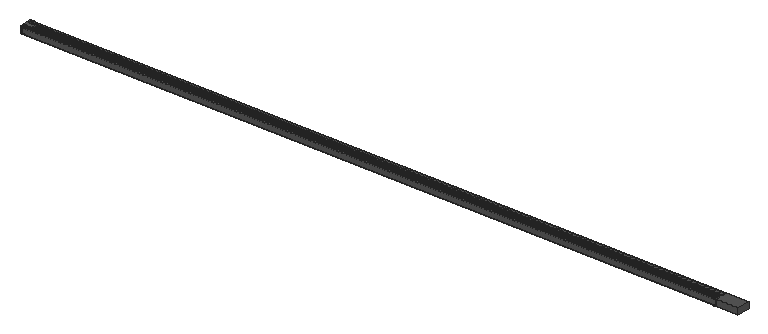
Revit family "Lighting_Other_Nordlux_Link_2M-rail", category Lighting Fixtures, host Face, Revit 2017
Family settings
  Host = Face
  Round Connector Dimension = Use Diameter
  Part Type = Normal
  OmniClass Number = 23.80.70.11.14.21
  OmniClass Title = Spots and Tracklight Specialties
  Cut with Voids When Loaded = No
  Light Source = No
  Shared = No
  Room Calculation Point = No
Parameters (values of type "Link 2M rail - black")
  WarrantyStartDate [instance] = "n/a"
  WarrantyGuarantorParts = "n/a"
  WarrantyGuarantorLabor = "n/a"
  WarrantyDurationUnit = "Year"
  WarrantyDurationParts = "n/a"
  WarrantyDurationLabor = "n/a"
  WarrantyDescription = "n/a"
  VersionDate = "29/08/2019"  # constant formula
  Version = "1"  # constant formula
  UsageCurrent = 0 A
  Uniclass2015Reference = "Pr_70_70_48_47"
  Uniclass2015Description = "Lighting tracks"
  Uniclass2 = "Pr_70_70_49_44"
  URL = "https://www.nordlux.com/products/product/79089903"
  Type Comments = ""
  TotalWattage = 690 W
  TagNumber [instance] = "n/a"
  SustainabilityPerformance = "n/a"
  Size = "2000x35x18"
  Shape = "Rectangular"
  SerialNumber [instance] = "n/a"
  Revision = "n/a"
  ReplacementCost = "n/a"
  RemoveRightCap [instance] = yes
  RemoveLeftCap [instance] = yes
  RailMainMaterial = Black
  ProductInformation = "Power strip from Nordlux which can be mounted on either the wall or ceiling. Includes a track light connector. Enables you to quickly and easily mount pendants or spotlights from the Link system according to your own requirements."
  Product data url = "https://www.bimobject.com/nordlux/product/link_system_2m-rail"
  PhaseReference = "n/a"
  PhaseAngle = 0.00°
  NumberOfSources = 0
  NumberOfPoles = 1
  NominalWidth = 2000 mm
  NominalVoltage = 230 V
  NominalHeight = 18 mm
  NominalFrequencyRange = 0 Hz
  NominalDepth = 35 mm
  NominalCurrent = 0 A
  Name = "Nordlux_Link_2M-rail"
  NBSReference = "90-60-50-430"
  NBSDescription = "Lighting tracks"
  ModelReference = "n/a"
  ModelNumber = "79089903"
  Model = "Link 2M rail - black"
  Material = "Metal, plastic"
  ManufacturersSpecificInformation = "n/a"
  ManufacturerURL = "https://www.nordlux.com/"
  ManufacturerName = "Nordlux"
  Manufacturer = "Nordlux"
  MaintenanceFactor = 0
  LightFixturePlacingType = "Ceiling"
  LightFixtureMountingType = "Surface"
  InsulationStandardClass = "Class 1 (Earth contact)"
  InstallationDate [instance] = "n/a"
  IfcExportType = "NOTDEFINED"  # constant formula
  IfcExportAs = "IfcLightFixtureType"  # constant formula
  IP_Code = "IP20"
  HasProtectiveEarth = no
  Grade = "n/a"
  Finish = "n/a"
  Features = "Track light connector"
  ExpectedLife = "n/a"
  ElectricalDeviceNominalPower = 0 VA
  EAN Number = "5701581356580"
  DurationUnit = "Year"
  Description = "Power strip from Nordlux which can be mounted on either the wall or ceiling. Includes a track light connector. Enables you to quickly and easily mount pendants or spotlights from the Link system according to your own requirements."
  Default Elevation = 0 mm
  ConvergoRefNr = "0143-1909-0039-DK"
  Constituents = "n/a"
  Color = "Black"
  CodePerformance = "n/a"
  Category = "Power strip"
  Brand = "Nordlux"
  Barcode [instance] = "n/a"
  BIMObjectName = "Lighting_Other_Nordlux_Link_2M-rail"
  Author = "Convergo AB"  # constant formula
  AssetType = "Fixed"
  AssetIdentifier [instance] = "n/a"
  Assembly Code = ""
  ArticleNumber = "79089903"
  AccessibilityPerformance = "n/a"
Types (3, lengths in mm): name | URL | RailMainMaterial | ModelNumber | Model | EAN Number | Color | ArticleNumber
  (no name) | "https://www.nordlux.com/products/product/79089903" | Black | "79089903" | "Link 2M rail - black" | "5701581356580" | "Black" | "79089903"
  Link 2M rail - black | "https://www.nordlux.com/products/product/79089903" | Black | "79089903" | "Link 2M rail - black" | "5701581356580" | "Black" | "79089903"
  Link 2M rail - white | "https://www.nordlux.com/products/product/79089901" | White | "79089901" | "Link 2M rail - white" | "5701581273481" | "White" | "79089901"
Reference planes
  plane 1 "Center (Front/Back)": y = 0
  plane 2: z = 0
  plane 3 "Center (Left/Right)": x = 0
  plane 4: x = -1000
  plane 5: x = 1000
  plane 6: y = 17.5
  plane 7: y = -17.5
  plane 8: z = 18
Dimensions and locks
  equal spacing: plane 4, plane 3 "Center (Left/Right)", plane 5
  "NominalWidth": plane 4 to plane 5
  equal spacing: plane 6, plane 1 "Center (Front/Back)", plane 7
  "NominalDepth": plane 6 to plane 7
  "NominalHeight": plane 8 to level
  aligned and locked: plane 2 to host face
  aligned and locked: level to host face
Automatic sketch dimensions
  host sketch curve to host sketch curve = 2438.4 mm  (x2)
Nested families
  nested 1: "2M rail" at (0, 0, 0), Main <- "RailMainMaterial", RemoveLeftCap <- "RemoveLeftCap", RemoveRightCap <- "RemoveRightCap", type "2M rail"
    with notRemoveRightCap no, notRemoveLeftCap no, RemoveRightCap yes, RemoveLeftCap yes, Main Black
Connectors
  electrical at (1000, 0, 9), driven by "NominalVoltage"
    settings: on nested 1, index 1, voltage 230 V, apparent load 0 VA, apparent load phase1 0 VA, apparent load phase2 0 VA, apparent load phase3 0 VA, power factor 1, load classification "Other", number of poles 1, system type 31, power factor state 1, is connector primary yes, connector utility no, sub classification motor no, connector description ""
Definition of nested family "2M rail"
  Parameters (values of type "2M rail")
    notRemoveRightCap [instance] = not(RemoveRightCap)  # no
    notRemoveLeftCap [instance] = not(RemoveLeftCap)  # no
    RemoveRightCap [instance] = yes
    RemoveLeftCap [instance] = yes
    Main [instance] = none
    Default Elevation = 1219.2 mm
  Reference planes
    plane 1 "Center (Front/Back)": y = 0
    plane 2: z = 0
    plane 3 "Center (Left/Right)": x = 0
    plane 4: y = -17.5
    plane 5: y = 17.5
    plane 6: x = 1000
    plane 7: x = -1000
    plane 8: z = 18
  Forms (mm)
    Extrusion 1, solid
      sketch origin (0, 0, 0) x (1, 0, 0) y (0, 1, 0)
        loop
          line (-1219.2, 1219.2) -> (-1219.2, -1219.2) -> (1219.2, -1219.2) -> (1219.2, 1219.2) -> (-1219.2, 1219.2)
      from 0 to -304.8
    Extrusion 2, solid, material <- "Main", detail levels medium+fine
      sketch origin (0, 0, 0) x (0, 1, 0) y (0, 0, 1)
        loop
          arc (7.692, 18) -> (7.192, 17.5) -> (7.692, 17) r 0.5
          line (7.692, 17) -> (8.8, 17) -> (8.451, 13) -> (9.431, 13)
          arc (9.431, 13) -> (9.798, 13.152) -> (9.951, 13.52) r 0.52
          line (9.951, 13.52) -> (9.95, 17) -> (13.651, 17) -> (13.651, 14.591)
          arc (13.651, 14.591) -> (14.183, 14.059) -> (14.716, 14.591) r 0.533
          line (14.716, 14.591) -> (14.716, 17) -> (15.984, 17)
          arc (15.984, 17) -> (16.342, 16.852) -> (16.49, 16.494) r 0.507
          line (16.49, 16.494) -> (16.491, 4.701) -> (14.391, 4.701) -> (14.391, 7.072)
          arc (14.391, 7.072) -> (13.891, 7.572) -> (13.391, 7.072) r 0.5
          line (13.391, 7.072) -> (13.391, 4.701) -> (12.219, 4.701) -> (9.169, 1.001) -> (6.691, 1.001) -> (6.691, 3.001) -> (5.691, 3.001) -> (5.691, 1.001) -> (0, 1.001) -> (-6.691, 1.001) -> (-8.483, 1.001) -> (-8.484, 7.78) -> (-9.849, 7.78) -> (-9.849, 3.4) -> (-9.549, 2.576) -> (-9.549, 1.462) -> (-12.219, 4.701) -> (-13, 4.701) -> (-13, 7.072)
          arc (-13, 7.072) -> (-13.5, 7.572) -> (-14, 7.072) r 0.5
          line (-14, 7.072) -> (-14, 4.701) -> (-16.491, 4.701) -> (-16.49, 16.494)
          arc (-16.49, 16.494) -> (-16.342, 16.852) -> (-15.984, 17) r 0.507
          line (-15.984, 17) -> (-14.716, 17) -> (-14.716, 14.591)
          arc (-14.716, 14.591) -> (-14.183, 14.059) -> (-13.651, 14.591) r 0.533
          line (-13.651, 14.591) -> (-13.651, 17) -> (-8.977, 17)
          arc (-8.977, 17) -> (-8.569, 16.831) -> (-8.399, 16.422) r 0.578
          line (-8.399, 16.422) -> (-8.399, 15.562)
          arc (-8.399, 15.562) -> (-7.872, 15.034) -> (-7.344, 15.562) r 0.528
          line (-7.344, 15.562) -> (-7.344, 17.469)
          arc (-7.344, 17.469) -> (-7.5, 17.844) -> (-7.875, 18) r 0.531
          line (-7.875, 18) -> (-12.873, 18)
          arc (-12.873, 18) -> (-13.709, 17.334) -> (-14.544, 18) r 0.857
          line (-14.544, 18) -> (-16.92, 18)
          arc (-16.92, 18) -> (-17.33, 17.83) -> (-17.5, 17.42) r 0.58
          line (-17.5, 17.42) -> (-17.5, 0.6)
          arc (-17.5, 0.6) -> (-17.324, 0.176) -> (-16.9, 0) r 0.6
          line (-16.9, 0) -> (-14.483, 0)
          arc (-14.483, 0) -> (-13.982, 0.501) -> (-14.483, 1.001) r 0.501
          line (-14.483, 1.001) -> (-15.966, 1.001)
          arc (-15.966, 1.001) -> (-16.337, 1.155) -> (-16.491, 1.527) r 0.525
          line (-16.491, 1.527) -> (-16.491, 3.701) -> (-12.69, 3.701) -> (-9.64, 0) -> (0, 0) -> (9.64, 0) -> (12.69, 3.701) -> (16.491, 3.701) -> (16.491, 1.527)
          arc (16.491, 1.527) -> (16.337, 1.155) -> (15.966, 1.001) r 0.525
          line (15.966, 1.001) -> (14.483, 1.001)
          arc (14.483, 1.001) -> (13.982, 0.501) -> (14.483, 0) r 0.501
          line (14.483, 0) -> (16.9, 0)
          arc (16.9, 0) -> (17.324, 0.176) -> (17.5, 0.6) r 0.6
          line (17.5, 0.6) -> (17.5, 17.42)
          arc (17.5, 17.42) -> (17.33, 17.83) -> (16.92, 18) r 0.58
          line (16.92, 18) -> (7.692, 18)
      from -996.796 to 938.106
    Extrusion 3, solid, material <- "Main", visible <- "RemoveLeftCap", detail levels medium+fine
      sketch origin (-500, 0, 0) x (0, 1, 0) y (0, 0, 1)
        loop
          line (17.5, 0.6) -> (17.5, 17.4)
          arc (17.5, 17.4) -> (17.324, 17.825) -> (16.9, 18) r 0.6
          line (16.9, 18) -> (-16.9, 17.999)
          arc (-16.9, 17.999) -> (-17.324, 17.823) -> (-17.5, 17.399) r 0.6
          line (-17.5, 17.399) -> (-17.5, 0.6)
          arc (-17.5, 0.6) -> (-17.324, 0.176) -> (-16.9, 0) r 0.6
          line (-16.9, 0) -> (16.9, 0)
          arc (16.9, 0) -> (17.324, 0.176) -> (17.5, 0.6) r 0.6
      from -500 to -496.796
    Extrusion 4, solid, material <- "Main", visible <- "RemoveLeftCap", detail levels medium+fine
      sketch origin (-500, 0, 0) x (1, 0, 0) y (0, 1, 0)
        loop
          line (-476.249, -7.343) -> (-476.249, 7.144) -> (-496.796, 7.144) -> (-496.796, -7.343) -> (-476.249, -7.343)
      from 15.102 to 18
    Extrusion 5, solid, material <- "Main", visible <- "RemoveRightCap", detail levels medium+fine
      sketch origin (500, 0, 0) x (1, 0, 0) y (0, 1, 0)
        loop
          line (500, 17.5) -> (438.106, 17.5) -> (438.106, -17.5) -> (500, -17.5) -> (500, 17.5)
      from 0 to 18
    Extrusion 6, solid, material <- "Main", detail levels coarse
      sketch origin (0, 0, 0) x (1, 0, 0) y (0, 1, 0)
        loop
          line (-1000, 17.5) -> (-1000, -17.5) -> (1000, -17.5) -> (1000, 17.5) -> (-1000, 17.5)
      from 0 to 18
  Cuts and joins
    joined: Extrusion 3, Extrusion 4
  Lines and regions (mm)
    symbolic lines, visible <- "RemoveRightCap", detail levels medium+fine
      curve 1: line (1000, 17.5, 0) -> (938.106, 17.5, 0)
      curve 2: line (1000, -17.5, 0) -> (1000, 17.5, 0)
      curve 3: line (938.106, -17.5, 0) -> (1000, -17.5, 0)
      curve 23: line (1000, 0, 0) -> (938.106, 0, 0)
      curve 24: line (1000, 0, 18) -> (1000, 0, 0)
      curve 29: line (938.106, 0, 18) -> (1000, 0, 18)
    symbolic lines, visible <- "RemoveRightCap", detail levels fine
      curve 4: line (938.106, 17.5, 0) -> (938.106, -17.5, 0)
      curve 25: line (938.106, 0, 18) -> (938.106, 0, 0)
    symbolic lines, detail levels medium+fine
      curve 5: line (938.106, 17.5, 0) -> (-996.796, 17.5, 0)
      curve 12: line (-996.796, -17.5, 0) -> (938.106, -17.5, 0)
      curve 17: line (0, 17.5, 18) -> (0, -17.5, 18)
      curve 18: line (0, 17.5, 0) -> (0, 17.5, 18)
      curve 19: line (0, -17.5, 0) -> (0, 17.5, 0)
      curve 20: line (0, -17.5, 18) -> (0, -17.5, 0)
      curve 27: line (-996.796, 0, 18) -> (938.106, 0, 18)
      curve 30: line (938.106, 0, 0) -> (-996.796, 0, 0)
    symbolic lines, detail levels fine
      curve 6: line (-996.796, 7.144, 0) -> (938.106, 7.144, 0)
      curve 13: line (938.106, -7.344, 0) -> (-996.796, -7.344, 0)
    symbolic lines, visible <- "RemoveLeftCap", detail levels medium+fine
      curve 7: line (-1000, 17.5, 0) -> (-1000, -17.5, 0)
      curve 10: line (-996.796, -17.5, 0) -> (-1000, -17.5, 0)
      curve 14: line (-996.796, 17.5, 0) -> (-1000, 17.5, 0)
      curve 21: line (-1000, 0, 18) -> (-996.796, 0, 18)
      curve 22: line (-1000, 0, 0) -> (-1000, 0, 18)
      curve 28: line (-996.796, 0, 0) -> (-1000, 0, 0)
    symbolic lines, visible <- "RemoveLeftCap", detail levels fine
      curve 8: line (-976.249, 7.144, 0) -> (-976.249, -7.344, 0)
      curve 9: line (-996.796, -7.344, 0) -> (-996.796, -17.5, 0)
      curve 11: line (-996.796, 17.5, 0) -> (-996.796, 7.144, 0)
      curve 26: line (-996.796, 0, 18) -> (-996.796, 0, 0)
    symbolic lines, visible <- "notRemoveLeftCap", detail levels medium+fine
      curve 15: line (-996.796, 17.5, 0) -> (-996.796, -17.5, 0)
      curve 32: line (-996.796, 0, 18) -> (-996.796, 0, 0)
    symbolic lines, visible <- "notRemoveRightCap", detail levels medium+fine
      curve 16: line (938.106, 17.5, 0) -> (938.106, -17.5, 0)
      curve 31: line (938.106, 0, 18) -> (938.106, 0, 0)
  Dimensions and locks
    aligned and locked: plane 2 to Extrusion 1
    aligned and locked: level to Extrusion 1
